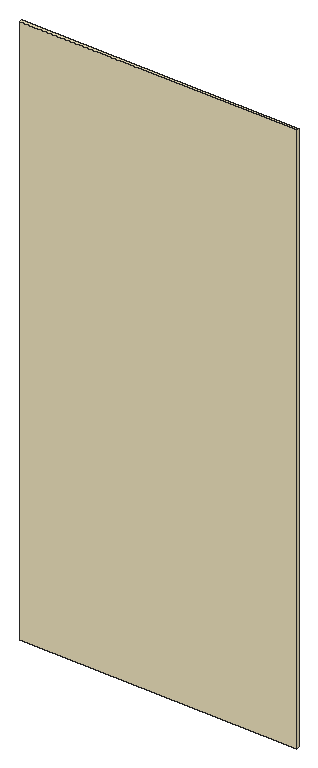
Revit family "American Oak Veneer Honeycomb", category Generic Models, Revit 2017
Family settings
  Can host rebar = No
  Round Connector Dimension = Use Diameter
  Part Type = Normal
  Work Plane-Based = No
  Always vertical = Yes
  Cut with Voids When Loaded = No
  Shared = Yes
  Room Calculation Point = No
Parameters (values of type "2400 x 1200")
  Raw Finish Code = "EX24 AO-HOC"  # constant formula
  Material = none
  URL = "https://www.easycraft.com.au/products/253/expression-series"
  Panel_width = 1200 mm  # constant formula
  Panel_thickness = 10 mm  # constant formula
  Model = "Expression Series - Honeycomb"  # constant formula
  Manufacturer = "Easycraft Australia Pty Ltd ph 07 3906 7200"  # constant formula
  Panel_height = 2400 mm  # constant formula
  Description = "American Oak Veneer"  # constant formula
  Clear Finish Code = "EX24 AO-HOC-CF"  # constant formula
  Assembly Code = ""
Reference planes
  plane 1 "Center (Front/Back)": y = 0
  plane 2: z = 0
  plane 3 "Center (Left/Right)": x = 0
  plane 4 "Panel_top": z = 2400
  plane 5 "Panel face": y = -10
Forms (mm)
  Extrusion 1, solid, material "American Oak Veneer"
    sketch origin (0, 0, 2400) x (0, -1, 0) y (1, 0, 0)
      loop
        line (0, 0) -> (10, 0) -> (10, 1200) -> (0, 1200) -> (0, 0)
    from -2400 to 0
Lines and regions (mm)
  model lines, style "easycraft expressions pattern"
    curve 1: line (1170.784, -10, 2287.01) -> (1200, -10, 2287.01)
    curve 2: line (1129.224, -10, 2348.821) -> (1070.792, -10, 2348.821)
    curve 3: line (1170.783, -10, 2163.389) -> (1200, -10, 2163.389)
    curve 4: line (1129.224, -10, 2225.2) -> (1070.792, -10, 2225.2)
    curve 5: line (1170.783, -10, 2039.767) -> (1200, -10, 2039.767)
    curve 6: line (1129.225, -10, 2101.577) -> (1070.792, -10, 2101.577)
    curve 7: line (1170.784, -10, 1916.144) -> (1200, -10, 1916.144)
    curve 8: line (1129.224, -10, 1977.955) -> (1070.792, -10, 1977.955)
    curve 9: line (1170.784, -10, 1792.521) -> (1200, -10, 1792.521)
    curve 10: line (1129.224, -10, 1854.332) -> (1070.792, -10, 1854.332)
    curve 11: line (1170.784, -10, 1668.899) -> (1200, -10, 1668.899)
    curve 12: line (1129.224, -10, 1730.709) -> (1070.792, -10, 1730.709)
    curve 13: line (1170.784, -10, 1545.276) -> (1200, -10, 1545.276)
    curve 14: line (1129.224, -10, 1607.087) -> (1070.792, -10, 1607.087)
    curve 15: line (1170.784, -10, 1421.654) -> (1200, -10, 1421.654)
    curve 16: line (1129.224, -10, 1483.465) -> (1070.792, -10, 1483.465)
    curve 17: line (1170.784, -10, 1298.032) -> (1200, -10, 1298.032)
    curve 18: line (1129.224, -10, 1359.843) -> (1070.793, -10, 1359.843)
    curve 19: line (1170.784, -10, 1174.411) -> (1200, -10, 1174.411)
    curve 20: line (1129.224, -10, 1236.221) -> (1070.792, -10, 1236.221)
    curve 21: line (1170.784, -10, 1050.789) -> (1200, -10, 1050.789)
    curve 22: line (1129.224, -10, 1112.6) -> (1070.793, -10, 1112.6)
    curve 23: line (1170.784, -10, 927.167) -> (1200, -10, 927.167)
    curve 24: line (1129.224, -10, 988.978) -> (1070.791, -10, 988.978)
    curve 25: line (1170.784, -10, 803.543) -> (1200, -10, 803.543)
    curve 26: line (1129.224, -10, 865.355) -> (1070.792, -10, 865.355)
    curve 27: line (1170.784, -10, 679.922) -> (1200, -10, 679.922)
    curve 28: line (1129.224, -10, 741.733) -> (1070.793, -10, 741.733)
    curve 29: line (1170.784, -10, 556.3) -> (1200, -10, 556.3)
    curve 30: line (1129.224, -10, 618.111) -> (1070.791, -10, 618.111)
    curve 31: line (1170.784, -10, 432.677) -> (1200, -10, 432.677)
    curve 32: line (1129.224, -10, 494.488) -> (1070.792, -10, 494.488)
    curve 33: line (1170.784, -10, 309.056) -> (1200, -10, 309.056)
    curve 34: line (1129.224, -10, 370.867) -> (1070.793, -10, 370.867)
    curve 35: line (1170.784, -10, 185.434) -> (1200, -10, 185.434)
    curve 36: line (1129.224, -10, 247.246) -> (1070.791, -10, 247.246)
    curve 37: line (1170.785, -10, 61.811) -> (1200, -10, 61.811)
    curve 38: line (1129.224, -10, 123.622) -> (1070.791, -10, 123.622)
    curve 39: line (1163.635, -10, 2400) -> (1129.224, -10, 2348.821)
    curve 40: line (1129.224, -10, 2348.821) -> (1170.784, -10, 2287.01)
    curve 41: line (1170.784, -10, 2287.01) -> (1129.224, -10, 2225.199)
    curve 42: line (1129.224, -10, 2225.199) -> (1170.783, -10, 2163.389)
    curve 43: line (1170.784, -10, 2163.388) -> (1129.225, -10, 2101.577)
    curve 44: line (1129.224, -10, 2101.577) -> (1170.783, -10, 2039.767)
    curve 45: line (1170.784, -10, 2039.766) -> (1129.224, -10, 1977.955)
    curve 46: line (1129.224, -10, 1977.955) -> (1170.784, -10, 1916.144)
    curve 47: line (1170.784, -10, 1916.144) -> (1129.224, -10, 1854.332)
    curve 48: line (1129.224, -10, 1854.332) -> (1170.784, -10, 1792.521)
    curve 49: line (1170.784, -10, 1792.521) -> (1129.224, -10, 1730.709)
    curve 50: line (1129.224, -10, 1730.709) -> (1170.784, -10, 1668.899)
    curve 51: line (1170.784, -10, 1668.899) -> (1129.224, -10, 1607.087)
    curve 52: line (1129.224, -10, 1607.087) -> (1170.784, -10, 1545.276)
    curve 53: line (1170.784, -10, 1545.276) -> (1129.224, -10, 1483.465)
    curve 54: line (1129.224, -10, 1483.465) -> (1170.784, -10, 1421.654)
    curve 55: line (1170.784, -10, 1421.654) -> (1129.224, -10, 1359.843)
    curve 56: line (1129.224, -10, 1359.843) -> (1170.784, -10, 1298.032)
    curve 57: line (1170.784, -10, 1298.032) -> (1129.224, -10, 1236.221)
    curve 58: line (1129.224, -10, 1236.221) -> (1170.784, -10, 1174.411)
    curve 59: line (1170.784, -10, 1174.411) -> (1129.224, -10, 1112.6)
    curve 60: line (1129.224, -10, 1112.6) -> (1170.784, -10, 1050.789)
    curve 61: line (1170.784, -10, 1050.789) -> (1129.224, -10, 988.978)
    curve 62: line (1129.224, -10, 988.978) -> (1170.784, -10, 927.167)
    curve 63: line (1170.784, -10, 927.167) -> (1129.224, -10, 865.355)
    curve 64: line (1129.224, -10, 865.355) -> (1170.784, -10, 803.545)
    curve 65: line (1170.784, -10, 803.545) -> (1129.224, -10, 741.733)
    curve 66: line (1129.224, -10, 741.733) -> (1170.784, -10, 679.922)
    curve 67: line (1170.784, -10, 679.922) -> (1129.224, -10, 618.111)
    curve 68: line (1129.224, -10, 618.111) -> (1170.784, -10, 556.3)
    curve 69: line (1170.784, -10, 556.3) -> (1129.224, -10, 494.488)
    curve 70: line (1129.224, -10, 494.489) -> (1170.784, -10, 432.678)
    curve 71: line (1170.784, -10, 432.678) -> (1129.224, -10, 370.867)
    curve 72: line (1129.224, -10, 370.867) -> (1170.784, -10, 309.056)
    curve 73: line (1170.784, -10, 309.056) -> (1129.224, -10, 247.246)
    curve 74: line (1129.224, -10, 247.246) -> (1170.784, -10, 185.434)
    curve 75: line (1170.784, -10, 185.434) -> (1129.224, -10, 123.622)
    curve 76: line (1129.224, -10, 123.622) -> (1170.785, -10, 61.811)
    curve 77: line (1170.784, -10, 61.812) -> (1129.224, -10, 0)
    curve 78: line (1070.792, -10, 0.001) -> (1029.232, -10, 61.812)
    curve 79: line (1029.232, -10, 61.812) -> (1070.792, -10, 123.622)
    curve 80: line (1070.791, -10, 123.622) -> (1029.233, -10, 185.434)
    curve 81: line (1029.233, -10, 185.434) -> (1070.792, -10, 247.244)
    curve 82: line (1070.791, -10, 247.246) -> (1029.233, -10, 309.057)
    curve 83: line (1029.233, -10, 309.057) -> (1070.793, -10, 370.867)
    curve 84: line (1070.792, -10, 370.867) -> (1029.233, -10, 432.678)
    curve 85: line (1029.233, -10, 432.678) -> (1070.792, -10, 494.489)
    curve 86: line (1070.792, -10, 494.489) -> (1029.233, -10, 556.3)
    curve 87: line (1029.233, -10, 556.3) -> (1070.792, -10, 618.11)
    curve 88: line (1070.791, -10, 618.111) -> (1029.233, -10, 679.921)
    curve 89: line (1029.233, -10, 679.921) -> (1070.793, -10, 741.733)
    curve 90: line (1070.792, -10, 741.732) -> (1029.233, -10, 803.543)
    curve 91: line (1029.233, -10, 803.543) -> (1070.792, -10, 865.355)
    curve 92: line (1070.792, -10, 865.355) -> (1029.233, -10, 927.165)
    curve 93: line (1029.233, -10, 927.165) -> (1070.792, -10, 988.976)
    curve 94: line (1070.791, -10, 988.978) -> (1029.233, -10, 1050.788)
    curve 95: line (1029.233, -10, 1050.788) -> (1070.793, -10, 1112.6)
    curve 96: line (1070.792, -10, 1112.598) -> (1029.233, -10, 1174.41)
    curve 97: line (1029.233, -10, 1174.41) -> (1070.792, -10, 1236.221)
    curve 98: line (1070.792, -10, 1236.221) -> (1029.233, -10, 1298.032)
    curve 99: line (1029.233, -10, 1298.032) -> (1070.793, -10, 1359.843)
    curve 100: line (1070.792, -10, 1359.841) -> (1029.233, -10, 1421.653)
    curve 101: line (1029.233, -10, 1421.653) -> (1070.792, -10, 1483.465)
    curve 102: line (1070.792, -10, 1483.465) -> (1029.233, -10, 1545.276)
    curve 103: line (1029.233, -10, 1545.276) -> (1070.792, -10, 1607.087)
    curve 104: line (1070.792, -10, 1607.087) -> (1029.233, -10, 1668.899)
    curve 105: line (1029.233, -10, 1668.899) -> (1070.792, -10, 1730.709)
    curve 106: line (1070.792, -10, 1730.709) -> (1029.233, -10, 1792.521)
    curve 107: line (1029.233, -10, 1792.521) -> (1070.792, -10, 1854.332)
    curve 108: line (1070.792, -10, 1854.332) -> (1029.233, -10, 1916.144)
    curve 109: line (1029.233, -10, 1916.144) -> (1070.792, -10, 1977.955)
    curve 110: line (1070.792, -10, 1977.955) -> (1029.233, -10, 2039.766)
    curve 111: line (1029.233, -10, 2039.766) -> (1070.792, -10, 2101.577)
    curve 112: line (1070.792, -10, 2101.577) -> (1029.233, -10, 2163.388)
    curve 113: line (1029.233, -10, 2163.388) -> (1070.792, -10, 2225.199)
    curve 114: line (1070.792, -10, 2225.199) -> (1029.233, -10, 2287.01)
    curve 115: line (1029.233, -10, 2287.01) -> (1070.792, -10, 2348.821)
    curve 116: line (1070.792, -10, 2348.821) -> (1036.381, -10, 2400)
    curve 117: line (1029.233, -10, 2287.01) -> (970.8, -10, 2287.01)
    curve 118: line (1029.233, -10, 2163.389) -> (970.8, -10, 2163.389)
    curve 119: line (1029.233, -10, 2039.767) -> (970.8, -10, 2039.767)
    curve 120: line (1029.233, -10, 1916.144) -> (970.801, -10, 1916.144)
    curve 121: line (1029.233, -10, 1792.521) -> (970.8, -10, 1792.521)
    curve 122: line (1029.233, -10, 1668.899) -> (970.799, -10, 1668.899)
    curve 123: line (1029.233, -10, 1545.276) -> (970.8, -10, 1545.276)
    curve 124: line (1029.233, -10, 1421.653) -> (970.8, -10, 1421.653)
    curve 125: line (1029.233, -10, 1298.032) -> (970.8, -10, 1298.032)
    curve 126: line (1029.233, -10, 1174.41) -> (970.799, -10, 1174.41)
    curve 127: line (1029.233, -10, 1050.788) -> (970.801, -10, 1050.788)
    curve 128: line (1029.233, -10, 927.165) -> (970.8, -10, 927.165)
    curve 129: line (1029.233, -10, 803.544) -> (970.8, -10, 803.544)
    curve 130: line (1029.233, -10, 679.921) -> (970.801, -10, 679.921)
    curve 131: line (1029.233, -10, 556.3) -> (970.8, -10, 556.3)
    curve 132: line (1029.233, -10, 432.679) -> (970.801, -10, 432.679)
    curve 133: line (1029.233, -10, 309.057) -> (970.799, -10, 309.057)
    curve 134: line (1029.233, -10, 185.434) -> (970.8, -10, 185.434)
    curve 135: line (1029.233, -10, 61.811) -> (970.8, -10, 61.811)
    curve 136: line (836.397, -10, 2400) -> (870.807, -10, 2348.822)
    curve 137: line (870.807, -10, 2348.822) -> (829.248, -10, 2287.011)
    curve 138: line (829.248, -10, 2287.011) -> (870.807, -10, 2225.2)
    curve 139: line (870.807, -10, 2225.2) -> (829.248, -10, 2163.389)
    curve 140: line (829.248, -10, 2163.389) -> (870.807, -10, 2101.577)
    curve 141: line (870.807, -10, 2101.577) -> (829.248, -10, 2039.767)
    curve 142: line (829.248, -10, 2039.767) -> (870.807, -10, 1977.955)
    curve 143: line (870.807, -10, 1977.955) -> (829.248, -10, 1916.141)
    curve 144: line (829.248, -10, 1916.141) -> (870.806, -10, 1854.332)
    curve 145: line (870.807, -10, 1854.331) -> (829.248, -10, 1792.521)
    curve 146: line (829.248, -10, 1792.521) -> (870.807, -10, 1730.71)
    curve 147: line (870.807, -10, 1730.71) -> (829.248, -10, 1668.899)
    curve 148: line (829.248, -10, 1668.899) -> (870.807, -10, 1607.088)
    curve 149: line (870.807, -10, 1607.088) -> (829.248, -10, 1545.274)
    curve 150: line (829.248, -10, 1545.274) -> (870.806, -10, 1483.464)
    curve 151: line (870.807, -10, 1483.463) -> (829.248, -10, 1421.655)
    curve 152: line (829.248, -10, 1421.655) -> (870.807, -10, 1359.843)
    curve 153: line (870.807, -10, 1359.843) -> (829.248, -10, 1298.03)
    curve 154: line (829.248, -10, 1298.03) -> (870.807, -10, 1236.22)
    curve 155: line (870.807, -10, 1236.22) -> (829.248, -10, 1174.408)
    curve 156: line (829.248, -10, 1174.408) -> (870.806, -10, 1112.598)
    curve 157: line (870.807, -10, 1112.596) -> (829.248, -10, 1050.788)
    curve 158: line (829.248, -10, 1050.788) -> (870.807, -10, 988.977)
    curve 159: line (870.807, -10, 988.977) -> (829.248, -10, 927.166)
    curve 160: line (829.248, -10, 927.166) -> (870.807, -10, 865.355)
    curve 161: line (870.807, -10, 865.355) -> (829.248, -10, 803.541)
    curve 162: line (829.248, -10, 803.541) -> (870.806, -10, 741.731)
    curve 163: line (870.807, -10, 741.73) -> (829.248, -10, 679.923)
    curve 164: line (829.248, -10, 679.923) -> (870.807, -10, 618.112)
    curve 165: line (870.807, -10, 618.112) -> (829.248, -10, 556.301)
    curve 166: line (829.248, -10, 556.301) -> (870.807, -10, 494.489)
    curve 167: line (870.807, -10, 494.489) -> (829.248, -10, 432.679)
    curve 168: line (829.248, -10, 432.679) -> (870.806, -10, 370.869)
    curve 169: line (870.807, -10, 370.867) -> (829.248, -10, 309.058)
    curve 170: line (829.248, -10, 309.058) -> (870.807, -10, 247.245)
    curve 171: line (870.807, -10, 247.245) -> (829.248, -10, 185.434)
    curve 172: line (829.248, -10, 185.434) -> (870.807, -10, 123.623)
    curve 173: line (870.807, -10, 123.623) -> (829.247, -10, 61.813)
    curve 174: line (829.247, -10, 61.813) -> (870.807, -10, 0.001)
    curve 175: line (929.24, -10, 0.001) -> (970.8, -10, 61.811)
    curve 176: line (970.8, -10, 61.811) -> (929.241, -10, 123.623)
    curve 177: line (929.241, -10, 123.623) -> (970.8, -10, 185.434)
    curve 178: line (970.8, -10, 185.434) -> (929.241, -10, 247.245)
    curve 179: line (929.241, -10, 247.245) -> (970.8, -10, 309.056)
    curve 180: line (970.799, -10, 309.057) -> (929.241, -10, 370.869)
    curve 181: line (929.241, -10, 370.869) -> (970.801, -10, 432.679)
    curve 182: line (970.8, -10, 432.678) -> (929.241, -10, 494.489)
    curve 183: line (929.241, -10, 494.489) -> (970.8, -10, 556.3)
    curve 184: line (970.8, -10, 556.3) -> (929.241, -10, 618.112)
    curve 185: line (929.241, -10, 618.112) -> (970.801, -10, 679.921)
    curve 186: line (970.8, -10, 679.92) -> (929.241, -10, 741.731)
    curve 187: line (929.241, -10, 741.731) -> (970.8, -10, 803.543)
    curve 188: line (970.8, -10, 803.544) -> (929.241, -10, 865.354)
    curve 189: line (929.241, -10, 865.355) -> (970.8, -10, 927.165)
    curve 190: line (970.8, -10, 927.165) -> (929.241, -10, 988.977)
    curve 191: line (929.241, -10, 988.977) -> (970.801, -10, 1050.788)
    curve 192: line (970.8, -10, 1050.786) -> (929.241, -10, 1112.598)
    curve 193: line (929.241, -10, 1112.598) -> (970.8, -10, 1174.408)
    curve 194: line (970.799, -10, 1174.41) -> (929.241, -10, 1236.22)
    curve 195: line (929.241, -10, 1236.22) -> (970.8, -10, 1298.032)
    curve 196: line (970.8, -10, 1298.032) -> (929.241, -10, 1359.843)
    curve 197: line (929.241, -10, 1359.843) -> (970.8, -10, 1421.653)
    curve 198: line (970.8, -10, 1421.653) -> (929.241, -10, 1483.464)
    curve 199: line (929.241, -10, 1483.464) -> (970.8, -10, 1545.276)
    curve 200: line (970.8, -10, 1545.276) -> (929.241, -10, 1607.088)
    curve 201: line (929.241, -10, 1607.088) -> (970.8, -10, 1668.897)
    curve 202: line (970.799, -10, 1668.899) -> (929.241, -10, 1730.71)
    curve 203: line (929.241, -10, 1730.71) -> (970.8, -10, 1792.521)
    curve 204: line (970.8, -10, 1792.521) -> (929.241, -10, 1854.332)
    curve 205: line (929.241, -10, 1854.332) -> (970.801, -10, 1916.144)
    curve 206: line (970.8, -10, 1916.144) -> (929.241, -10, 1977.955)
    curve 207: line (929.241, -10, 1977.955) -> (970.8, -10, 2039.766)
    curve 208: line (970.8, -10, 2039.766) -> (929.241, -10, 2101.577)
    curve 209: line (929.241, -10, 2101.577) -> (970.8, -10, 2163.388)
    curve 210: line (970.8, -10, 2163.388) -> (929.241, -10, 2225.2)
    curve 211: line (929.241, -10, 2225.2) -> (970.8, -10, 2287.01)
    curve 212: line (970.8, -10, 2287.01) -> (929.241, -10, 2348.822)
    curve 213: line (929.241, -10, 2348.822) -> (963.65, -10, 2400)
    curve 214: line (929.241, -10, 2348.822) -> (870.807, -10, 2348.822)
    curve 215: line (929.24, -10, 2225.2) -> (870.807, -10, 2225.2)
    curve 216: line (929.24, -10, 2101.578) -> (870.807, -10, 2101.578)
    curve 217: line (929.24, -10, 1977.956) -> (870.807, -10, 1977.956)
    curve 218: line (929.241, -10, 1854.332) -> (870.806, -10, 1854.332)
    curve 219: line (929.241, -10, 1730.71) -> (870.807, -10, 1730.71)
    curve 220: line (929.241, -10, 1607.088) -> (870.807, -10, 1607.088)
    curve 221: line (929.241, -10, 1483.464) -> (870.806, -10, 1483.464)
    curve 222: line (929.241, -10, 1359.843) -> (870.807, -10, 1359.843)
    curve 223: line (929.241, -10, 1236.22) -> (870.807, -10, 1236.22)
    curve 224: line (929.241, -10, 1112.598) -> (870.806, -10, 1112.598)
    curve 225: line (929.241, -10, 988.977) -> (870.807, -10, 988.977)
    curve 226: line (929.241, -10, 865.354) -> (870.807, -10, 865.354)
    curve 227: line (929.241, -10, 741.731) -> (870.806, -10, 741.731)
    curve 228: line (929.241, -10, 618.112) -> (870.807, -10, 618.112)
    curve 229: line (929.24, -10, 494.489) -> (870.807, -10, 494.489)
    curve 230: line (929.241, -10, 370.869) -> (870.806, -10, 370.869)
    curve 231: line (929.241, -10, 247.245) -> (870.807, -10, 247.245)
    curve 232: line (929.241, -10, 123.623) -> (870.807, -10, 123.623)
    curve 233: line (763.665, -10, 2400) -> (729.256, -10, 2348.824)
    curve 234: line (729.256, -10, 2348.824) -> (770.816, -10, 2287.011)
    curve 235: line (770.816, -10, 2287.011) -> (729.256, -10, 2225.2)
    curve 236: line (729.256, -10, 2225.2) -> (770.816, -10, 2163.389)
    curve 237: line (770.816, -10, 2163.389) -> (729.256, -10, 2101.578)
    curve 238: line (729.256, -10, 2101.578) -> (770.816, -10, 2039.767)
    curve 239: line (829.248, -10, 2287.011) -> (770.816, -10, 2287.011)
    curve 240: line (829.248, -10, 2163.389) -> (770.816, -10, 2163.389)
    curve 241: line (829.248, -10, 2039.769) -> (770.816, -10, 2039.769)
    curve 242: line (770.816, -10, 2039.769) -> (729.256, -10, 1977.952)
    curve 243: line (729.256, -10, 1977.952) -> (770.816, -10, 1916.14)
    curve 244: line (770.816, -10, 1916.14) -> (729.256, -10, 1854.33)
    curve 245: line (729.256, -10, 1854.33) -> (770.816, -10, 1792.521)
    curve 246: line (770.816, -10, 1792.521) -> (729.256, -10, 1730.709)
    curve 247: line (729.256, -10, 1730.709) -> (770.816, -10, 1668.898)
    curve 248: line (829.248, -10, 1916.141) -> (770.816, -10, 1916.141)
    curve 249: line (829.248, -10, 1792.521) -> (770.816, -10, 1792.521)
    curve 250: line (829.248, -10, 1668.899) -> (770.816, -10, 1668.899)
    curve 251: line (770.816, -10, 1668.899) -> (729.256, -10, 1607.084)
    curve 252: line (729.256, -10, 1607.084) -> (770.815, -10, 1545.274)
    curve 253: line (770.816, -10, 1545.273) -> (729.256, -10, 1483.465)
    curve 254: line (729.256, -10, 1483.465) -> (770.815, -10, 1421.655)
    curve 255: line (770.816, -10, 1421.653) -> (729.256, -10, 1359.841)
    curve 256: line (729.256, -10, 1359.841) -> (770.816, -10, 1298.03)
    curve 257: line (770.816, -10, 1298.03) -> (729.256, -10, 1236.219)
    curve 258: line (729.256, -10, 1236.219) -> (770.816, -10, 1174.408)
    curve 259: line (770.816, -10, 1174.408) -> (729.256, -10, 1112.6)
    curve 260: line (729.256, -10, 1112.6) -> (770.816, -10, 1050.788)
    curve 261: line (770.816, -10, 1050.788) -> (729.256, -10, 988.977)
    curve 262: line (729.256, -10, 988.977) -> (770.816, -10, 927.166)
    curve 263: line (770.816, -10, 927.166) -> (729.256, -10, 865.353)
    curve 264: line (729.256, -10, 865.353) -> (770.815, -10, 803.542)
    curve 265: line (770.816, -10, 803.541) -> (729.256, -10, 741.733)
    curve 266: line (729.256, -10, 741.733) -> (770.816, -10, 679.922)
    curve 267: line (829.248, -10, 1545.274) -> (770.815, -10, 1545.274)
    curve 268: line (829.248, -10, 1421.655) -> (770.815, -10, 1421.655)
    curve 269: line (829.248, -10, 1298.03) -> (770.816, -10, 1298.03)
    curve 270: line (829.248, -10, 1174.408) -> (770.816, -10, 1174.408)
    curve 271: line (829.248, -10, 1050.788) -> (770.816, -10, 1050.788)
    curve 272: line (829.248, -10, 927.166) -> (770.816, -10, 927.166)
    curve 273: line (829.248, -10, 803.542) -> (770.815, -10, 803.542)
    curve 274: line (829.248, -10, 679.923) -> (770.816, -10, 679.923)
    curve 275: line (770.816, -10, 679.923) -> (729.256, -10, 618.112)
    curve 276: line (729.256, -10, 618.112) -> (770.815, -10, 556.301)
    curve 277: line (770.816, -10, 556.299) -> (729.256, -10, 494.49)
    curve 278: line (729.256, -10, 494.49) -> (770.816, -10, 432.679)
    curve 279: line (770.816, -10, 432.679) -> (729.256, -10, 370.868)
    curve 280: line (729.256, -10, 370.868) -> (770.816, -10, 309.056)
    curve 281: line (829.248, -10, 556.301) -> (770.815, -10, 556.301)
    curve 282: line (829.248, -10, 432.678) -> (770.816, -10, 432.678)
    curve 283: line (829.248, -10, 185.434) -> (770.816, -10, 185.434)
    curve 284: line (829.248, -10, 61.813) -> (770.816, -10, 61.813)
    curve 285: line (636.413, -10, 2400) -> (670.822, -10, 2348.824)
    curve 286: line (670.823, -10, 2348.822) -> (629.263, -10, 2287.013)
    curve 287: line (629.263, -10, 2287.013) -> (670.823, -10, 2225.2)
    curve 288: line (670.823, -10, 2225.2) -> (629.263, -10, 2163.389)
    curve 289: line (629.263, -10, 2163.389) -> (670.821, -10, 2101.58)
    curve 290: line (670.823, -10, 2101.578) -> (629.263, -10, 2039.762)
    curve 291: line (629.263, -10, 2039.762) -> (670.821, -10, 1977.954)
    curve 292: line (670.823, -10, 1977.952) -> (629.263, -10, 1916.142)
    curve 293: line (629.263, -10, 1916.142) -> (670.823, -10, 1854.33)
    curve 294: line (670.823, -10, 1854.33) -> (629.263, -10, 1792.519)
    curve 295: line (629.263, -10, 1792.519) -> (670.822, -10, 1730.709)
    curve 296: line (670.823, -10, 1730.708) -> (629.263, -10, 1668.894)
    curve 297: line (629.263, -10, 1668.894) -> (670.822, -10, 1607.084)
    curve 298: line (670.823, -10, 1607.083) -> (629.263, -10, 1545.272)
    curve 299: line (629.263, -10, 1545.272) -> (670.823, -10, 1483.465)
    curve 300: line (670.823, -10, 1483.465) -> (629.263, -10, 1421.651)
    curve 301: line (629.263, -10, 1421.651) -> (670.822, -10, 1359.841)
    curve 302: line (670.823, -10, 1359.84) -> (629.263, -10, 1298.029)
    curve 303: line (629.263, -10, 1298.029) -> (670.822, -10, 1236.219)
    curve 304: line (670.823, -10, 1236.218) -> (629.263, -10, 1174.41)
    curve 305: line (629.263, -10, 1174.41) -> (670.822, -10, 1112.6)
    curve 306: line (670.823, -10, 1112.598) -> (629.263, -10, 1050.789)
    curve 307: line (629.263, -10, 1050.789) -> (670.823, -10, 988.977)
    curve 308: line (670.823, -10, 988.977) -> (629.263, -10, 927.164)
    curve 309: line (629.263, -10, 927.164) -> (670.823, -10, 865.353)
    curve 310: line (670.823, -10, 865.353) -> (629.263, -10, 803.544)
    curve 311: line (629.263, -10, 803.544) -> (670.822, -10, 741.733)
    curve 312: line (670.823, -10, 741.732) -> (629.263, -10, 679.922)
    curve 313: line (629.263, -10, 679.922) -> (670.823, -10, 618.112)
    curve 314: line (670.823, -10, 618.112) -> (629.263, -10, 556.301)
    curve 315: line (629.263, -10, 556.301) -> (670.823, -10, 494.49)
    curve 316: line (670.823, -10, 494.49) -> (629.263, -10, 432.678)
    curve 317: line (629.263, -10, 432.678) -> (670.822, -10, 370.868)
    curve 318: line (670.823, -10, 370.866) -> (629.263, -10, 309.057)
    curve 319: line (629.263, -10, 309.057) -> (670.823, -10, 247.246)
    curve 320: line (670.823, -10, 247.246) -> (629.263, -10, 185.436)
    curve 321: line (629.263, -10, 185.436) -> (670.823, -10, 123.623)
    curve 322: line (670.823, -10, 123.623) -> (629.262, -10, 61.814)
    curve 323: line (629.263, -10, 61.813) -> (670.822, -10, 0.002)
    curve 324: line (729.256, -10, 0.002) -> (770.816, -10, 61.813)
    curve 325: line (770.816, -10, 61.812) -> (729.256, -10, 123.623)
    curve 326: line (729.256, -10, 123.623) -> (770.816, -10, 185.434)
    curve 327: line (770.816, -10, 185.434) -> (729.256, -10, 247.246)
    curve 328: line (729.256, -10, 247.246) -> (770.816, -10, 309.058)
    curve 329: line (770.816, -10, 309.058) -> (829.248, -10, 309.058)
    curve 330: line (729.256, -10, 2348.824) -> (670.822, -10, 2348.824)
    curve 331: line (729.255, -10, 2225.201) -> (670.823, -10, 2225.201)
    curve 332: line (729.255, -10, 2101.58) -> (670.821, -10, 2101.58)
    curve 333: line (729.255, -10, 1977.954) -> (670.821, -10, 1977.954)
    curve 334: line (729.256, -10, 1854.33) -> (670.823, -10, 1854.33)
    curve 335: line (729.256, -10, 1730.709) -> (670.822, -10, 1730.709)
    curve 336: line (729.256, -10, 1607.084) -> (670.822, -10, 1607.084)
    curve 337: line (729.256, -10, 1483.465) -> (670.823, -10, 1483.465)
    curve 338: line (729.256, -10, 1359.841) -> (670.822, -10, 1359.841)
    curve 339: line (729.256, -10, 1236.219) -> (670.822, -10, 1236.219)
    curve 340: line (729.256, -10, 1112.6) -> (670.822, -10, 1112.6)
    curve 341: line (729.256, -10, 988.977) -> (670.823, -10, 988.977)
    curve 342: line (729.255, -10, 865.352) -> (670.823, -10, 865.352)
    curve 343: line (729.256, -10, 741.733) -> (670.822, -10, 741.733)
    curve 344: line (729.256, -10, 618.112) -> (670.823, -10, 618.112)
    curve 345: line (729.255, -10, 494.489) -> (670.823, -10, 494.489)
    curve 346: line (729.256, -10, 370.868) -> (670.822, -10, 370.868)
    curve 347: line (729.256, -10, 247.246) -> (670.823, -10, 247.246)
    curve 348: line (729.256, -10, 123.623) -> (670.823, -10, 123.623)
    curve 349: line (629.263, -10, 2287.013) -> (570.83, -10, 2287.013)
    curve 350: line (629.263, -10, 2163.391) -> (570.83, -10, 2163.391)
    curve 351: line (629.263, -10, 2039.762) -> (570.831, -10, 2039.762)
    curve 352: line (629.263, -10, 1916.142) -> (570.83, -10, 1916.142)
    curve 353: line (629.263, -10, 1792.519) -> (570.832, -10, 1792.519)
    curve 354: line (629.263, -10, 1668.894) -> (570.83, -10, 1668.894)
    curve 355: line (629.263, -10, 1545.272) -> (570.831, -10, 1545.272)
    curve 356: line (629.263, -10, 1421.651) -> (570.832, -10, 1421.651)
    curve 357: line (629.263, -10, 1298.029) -> (570.83, -10, 1298.029)
    curve 358: line (629.263, -10, 1174.41) -> (570.831, -10, 1174.41)
    curve 359: line (629.263, -10, 1050.789) -> (570.831, -10, 1050.789)
    curve 360: line (629.263, -10, 927.164) -> (570.831, -10, 927.164)
    curve 361: line (629.263, -10, 803.544) -> (570.831, -10, 803.544)
    curve 362: line (629.263, -10, 679.922) -> (570.831, -10, 679.922)
    curve 363: line (629.263, -10, 556.301) -> (570.832, -10, 556.301)
    curve 364: line (629.263, -10, 432.679) -> (570.831, -10, 432.679)
    curve 365: line (629.263, -10, 309.057) -> (570.831, -10, 309.057)
    curve 366: line (629.263, -10, 185.436) -> (570.832, -10, 185.436)
    curve 367: line (629.262, -10, 61.814) -> (570.832, -10, 61.814)
    curve 368: line (436.429, -10, 2400) -> (470.837, -10, 2348.824)
    curve 369: line (529.272, -10, 2348.824) -> (470.837, -10, 2348.824)
    curve 370: line (470.838, -10, 2348.824) -> (429.279, -10, 2287.012)
    curve 371: line (429.279, -10, 2287.012) -> (470.838, -10, 2225.201)
    curve 372: line (470.838, -10, 2225.201) -> (429.279, -10, 2163.39)
    curve 373: line (429.279, -10, 2163.39) -> (470.838, -10, 2101.572)
    curve 374: line (470.838, -10, 2101.572) -> (429.279, -10, 2039.761)
    curve 375: line (429.279, -10, 2039.761) -> (470.838, -10, 1977.951)
    curve 376: line (470.838, -10, 1977.951) -> (429.279, -10, 1916.141)
    curve 377: line (429.279, -10, 1916.141) -> (470.838, -10, 1854.329)
    curve 378: line (470.838, -10, 1854.329) -> (429.279, -10, 1792.516)
    curve 379: line (429.279, -10, 1792.516) -> (470.838, -10, 1730.704)
    curve 380: line (470.838, -10, 1730.704) -> (429.279, -10, 1668.894)
    curve 381: line (429.279, -10, 1668.894) -> (470.837, -10, 1607.084)
    curve 382: line (470.838, -10, 1607.082) -> (429.279, -10, 1545.27)
    curve 383: line (429.279, -10, 1545.27) -> (470.838, -10, 1483.461)
    curve 384: line (470.838, -10, 1483.461) -> (429.279, -10, 1421.649)
    curve 385: line (429.279, -10, 1421.649) -> (470.838, -10, 1359.838)
    curve 386: line (529.272, -10, 2225.201) -> (470.838, -10, 2225.201)
    curve 387: line (529.271, -10, 2101.572) -> (470.838, -10, 2101.572)
    curve 388: line (529.271, -10, 1977.952) -> (470.838, -10, 1977.952)
    curve 389: line (529.272, -10, 1854.329) -> (470.838, -10, 1854.329)
    curve 390: line (529.272, -10, 1730.704) -> (470.838, -10, 1730.704)
    curve 391: line (529.272, -10, 1607.084) -> (470.837, -10, 1607.084)
    curve 392: line (529.272, -10, 1483.461) -> (470.838, -10, 1483.461)
    curve 393: line (529.272, -10, 1359.839) -> (470.838, -10, 1359.839)
    curve 394: line (470.838, -10, 1359.839) -> (429.279, -10, 1298.03)
    curve 395: line (429.279, -10, 1298.03) -> (470.838, -10, 1236.218)
    curve 396: line (470.838, -10, 1236.218) -> (429.279, -10, 1174.408)
    curve 397: line (429.279, -10, 1174.408) -> (470.837, -10, 1112.6)
    curve 398: line (470.838, -10, 1112.599) -> (429.279, -10, 1050.785)
    curve 399: line (429.279, -10, 1050.785) -> (470.838, -10, 988.974)
    curve 400: line (529.272, -10, 1236.218) -> (470.838, -10, 1236.218)
    curve 401: line (529.272, -10, 1112.6) -> (470.837, -10, 1112.6)
    curve 402: line (529.272, -10, 988.975) -> (470.838, -10, 988.975)
    curve 403: line (470.838, -10, 988.975) -> (429.279, -10, 927.167)
    curve 404: line (429.279, -10, 927.167) -> (470.838, -10, 865.356)
    curve 405: line (470.838, -10, 865.356) -> (429.279, -10, 803.545)
    curve 406: line (429.279, -10, 803.545) -> (470.838, -10, 741.734)
    curve 407: line (470.838, -10, 741.734) -> (429.279, -10, 679.92)
    curve 408: line (429.279, -10, 679.92) -> (470.838, -10, 618.111)
    curve 409: line (470.838, -10, 618.111) -> (429.279, -10, 556.298)
    curve 410: line (429.279, -10, 556.298) -> (470.838, -10, 494.49)
    curve 411: line (470.838, -10, 494.489) -> (429.279, -10, 432.679)
    curve 412: line (429.279, -10, 432.679) -> (470.837, -10, 370.868)
    curve 413: line (470.838, -10, 370.867) -> (429.279, -10, 309.056)
    curve 414: line (429.279, -10, 309.056) -> (470.837, -10, 247.246)
    curve 415: line (470.838, -10, 247.245) -> (429.279, -10, 185.434)
    curve 416: line (429.279, -10, 185.434) -> (470.837, -10, 123.624)
    curve 417: line (470.838, -10, 123.624) -> (429.278, -10, 61.814)
    curve 418: line (429.278, -10, 61.814) -> (470.838, -10, 0.003)
    curve 419: line (529.271, -10, 0.003) -> (570.832, -10, 61.814)
    curve 420: line (570.831, -10, 61.813) -> (529.272, -10, 123.624)
    curve 421: line (529.272, -10, 123.624) -> (570.832, -10, 185.436)
    curve 422: line (570.831, -10, 185.435) -> (529.272, -10, 247.246)
    curve 423: line (529.272, -10, 247.246) -> (570.831, -10, 309.057)
    curve 424: line (570.831, -10, 309.057) -> (529.272, -10, 370.868)
    curve 425: line (529.272, -10, 370.868) -> (570.831, -10, 432.679)
    curve 426: line (570.831, -10, 432.678) -> (529.272, -10, 494.489)
    curve 427: line (529.272, -10, 494.489) -> (570.832, -10, 556.301)
    curve 428: line (570.831, -10, 556.3) -> (529.272, -10, 618.111)
    curve 429: line (529.272, -10, 618.111) -> (570.831, -10, 679.922)
    curve 430: line (570.831, -10, 679.922) -> (529.272, -10, 741.734)
    curve 431: line (529.272, -10, 741.734) -> (570.831, -10, 803.544)
    curve 432: line (570.831, -10, 803.544) -> (529.272, -10, 865.356)
    curve 433: line (529.272, -10, 865.356) -> (570.831, -10, 927.164)
    curve 434: line (570.831, -10, 927.164) -> (529.272, -10, 988.975)
    curve 435: line (529.272, -10, 988.975) -> (570.831, -10, 1050.789)
    curve 436: line (570.831, -10, 1050.789) -> (529.272, -10, 1112.6)
    curve 437: line (529.272, -10, 1112.6) -> (570.831, -10, 1174.41)
    curve 438: line (570.831, -10, 1174.41) -> (529.272, -10, 1236.218)
    curve 439: line (529.272, -10, 1236.218) -> (570.831, -10, 1298.028)
    curve 440: line (570.83, -10, 1298.029) -> (529.272, -10, 1359.839)
    curve 441: line (529.272, -10, 1359.839) -> (570.832, -10, 1421.651)
    curve 442: line (570.831, -10, 1421.65) -> (529.272, -10, 1483.461)
    curve 443: line (529.272, -10, 1483.461) -> (570.831, -10, 1545.272)
    curve 444: line (570.831, -10, 1545.272) -> (529.272, -10, 1607.084)
    curve 445: line (529.272, -10, 1607.084) -> (570.831, -10, 1668.893)
    curve 446: line (570.83, -10, 1668.894) -> (529.272, -10, 1730.704)
    curve 447: line (529.272, -10, 1730.704) -> (570.832, -10, 1792.519)
    curve 448: line (570.831, -10, 1792.518) -> (529.272, -10, 1854.329)
    curve 449: line (529.272, -10, 1854.329) -> (570.831, -10, 1916.14)
    curve 450: line (570.83, -10, 1916.142) -> (529.272, -10, 1977.951)
    curve 451: line (529.272, -10, 1977.951) -> (570.831, -10, 2039.762)
    curve 452: line (570.831, -10, 2039.762) -> (529.271, -10, 2101.572)
    curve 453: line (529.272, -10, 2101.572) -> (570.831, -10, 2163.389)
    curve 454: line (570.83, -10, 2163.391) -> (529.272, -10, 2225.201)
    curve 455: line (529.272, -10, 2225.201) -> (570.831, -10, 2287.012)
    curve 456: line (570.83, -10, 2287.013) -> (529.272, -10, 2348.824)
    curve 457: line (529.272, -10, 2348.824) -> (563.68, -10, 2400)
    curve 458: line (529.271, -10, 865.355) -> (470.838, -10, 865.355)
    curve 459: line (529.272, -10, 741.734) -> (470.838, -10, 741.734)
    curve 460: line (529.272, -10, 618.111) -> (470.838, -10, 618.111)
    curve 461: line (529.271, -10, 494.49) -> (470.838, -10, 494.49)
    curve 462: line (529.272, -10, 370.868) -> (470.837, -10, 370.868)
    curve 463: line (529.272, -10, 247.246) -> (470.837, -10, 247.246)
    curve 464: line (529.272, -10, 123.624) -> (470.837, -10, 123.624)
    curve 465: line (429.279, -10, 2287.012) -> (370.846, -10, 2287.012)
    curve 466: line (429.279, -10, 2163.392) -> (370.845, -10, 2163.392)
    curve 467: line (429.279, -10, 2039.762) -> (370.846, -10, 2039.762)
    curve 468: line (429.279, -10, 1916.141) -> (370.848, -10, 1916.141)
    curve 469: line (429.279, -10, 1792.516) -> (370.847, -10, 1792.516)
    curve 470: line (429.279, -10, 1668.894) -> (370.845, -10, 1668.894)
    curve 471: line (429.279, -10, 1545.27) -> (370.846, -10, 1545.27)
    curve 472: line (429.279, -10, 1421.649) -> (370.847, -10, 1421.649)
    curve 473: line (429.279, -10, 1298.03) -> (370.845, -10, 1298.03)
    curve 474: line (429.279, -10, 1174.408) -> (370.846, -10, 1174.408)
    curve 475: line (429.279, -10, 1050.785) -> (370.846, -10, 1050.785)
    curve 476: line (429.279, -10, 927.167) -> (370.846, -10, 927.167)
    curve 477: line (429.279, -10, 803.544) -> (370.846, -10, 803.544)
    curve 478: line (429.279, -10, 679.92) -> (370.846, -10, 679.92)
    curve 479: line (429.279, -10, 556.298) -> (370.846, -10, 556.298)
    curve 480: line (429.279, -10, 432.678) -> (370.846, -10, 432.678)
    curve 481: line (429.279, -10, 309.056) -> (370.845, -10, 309.056)
    curve 482: line (429.279, -10, 185.434) -> (370.847, -10, 185.434)
    curve 483: line (429.279, -10, 61.815) -> (370.847, -10, 61.815)
    curve 484: line (236.451, -10, 2400) -> (270.854, -10, 2348.824)
    curve 485: line (270.854, -10, 2348.824) -> (229.294, -10, 2287.013)
    curve 486: line (229.294, -10, 2287.013) -> (270.852, -10, 2225.203)
    curve 487: line (270.854, -10, 2225.201) -> (229.294, -10, 2163.384)
    curve 488: line (229.294, -10, 2163.384) -> (270.852, -10, 2101.573)
    curve 489: line (270.854, -10, 2101.571) -> (229.294, -10, 2039.762)
    curve 490: line (229.294, -10, 2039.762) -> (270.852, -10, 1977.952)
    curve 491: line (270.854, -10, 1977.95) -> (229.294, -10, 1916.136)
    curve 492: line (229.294, -10, 1916.136) -> (270.853, -10, 1854.326)
    curve 493: line (270.854, -10, 1854.324) -> (229.294, -10, 1792.514)
    curve 494: line (229.294, -10, 1792.514) -> (270.853, -10, 1730.704)
    curve 495: line (270.854, -10, 1730.702) -> (229.294, -10, 1668.891)
    curve 496: line (229.294, -10, 1668.891) -> (270.853, -10, 1607.081)
    curve 497: line (270.854, -10, 1607.08) -> (229.294, -10, 1545.269)
    curve 498: line (229.294, -10, 1545.269) -> (270.853, -10, 1483.459)
    curve 499: line (270.854, -10, 1483.458) -> (229.294, -10, 1421.651)
    curve 500: line (229.294, -10, 1421.651) -> (270.853, -10, 1359.84)
    curve 501: line (270.854, -10, 1359.838) -> (229.294, -10, 1298.029)
    curve 502: line (229.294, -10, 1298.029) -> (270.853, -10, 1236.219)
    curve 503: line (270.854, -10, 1236.218) -> (229.294, -10, 1174.407)
    curve 504: line (229.294, -10, 1174.407) -> (270.853, -10, 1112.597)
    curve 505: line (270.854, -10, 1112.595) -> (229.294, -10, 1050.789)
    curve 506: line (229.294, -10, 1050.789) -> (270.853, -10, 988.979)
    curve 507: line (270.854, -10, 988.977) -> (229.294, -10, 927.168)
    curve 508: line (229.294, -10, 927.168) -> (270.853, -10, 865.357)
    curve 509: line (270.854, -10, 865.357) -> (229.294, -10, 803.542)
    curve 510: line (229.294, -10, 803.542) -> (270.853, -10, 741.732)
    curve 511: line (270.854, -10, 741.73) -> (229.294, -10, 679.921)
    curve 512: line (229.294, -10, 679.921) -> (270.854, -10, 618.109)
    curve 513: line (270.854, -10, 618.109) -> (229.294, -10, 556.299)
    curve 514: line (229.294, -10, 556.299) -> (270.854, -10, 494.487)
    curve 515: line (270.854, -10, 494.487) -> (229.294, -10, 432.676)
    curve 516: line (229.294, -10, 432.676) -> (270.853, -10, 370.866)
    curve 517: line (270.854, -10, 370.865) -> (229.294, -10, 309.056)
    curve 518: line (229.294, -10, 309.056) -> (270.854, -10, 247.244)
    curve 519: line (270.854, -10, 247.244) -> (229.294, -10, 185.436)
    curve 520: line (229.294, -10, 185.436) -> (270.853, -10, 123.626)
    curve 521: line (270.854, -10, 123.625) -> (229.294, -10, 61.815)
    curve 522: line (229.294, -10, 61.815) -> (270.853, -10, 0.003)
    curve 523: line (329.286, -10, 0.003) -> (370.847, -10, 61.815)
    curve 524: line (370.846, -10, 61.813) -> (329.287, -10, 123.626)
    curve 525: line (329.287, -10, 123.626) -> (370.847, -10, 185.434)
    curve 526: line (370.846, -10, 185.433) -> (329.287, -10, 247.244)
    curve 527: line (329.287, -10, 247.244) -> (370.846, -10, 309.055)
    curve 528: line (370.845, -10, 309.056) -> (329.287, -10, 370.866)
    curve 529: line (329.287, -10, 370.866) -> (370.846, -10, 432.679)
    curve 530: line (370.846, -10, 432.679) -> (329.287, -10, 494.487)
    curve 531: line (329.287, -10, 494.487) -> (370.846, -10, 556.298)
    curve 532: line (370.846, -10, 556.298) -> (329.287, -10, 618.109)
    curve 533: line (329.287, -10, 618.109) -> (370.846, -10, 679.92)
    curve 534: line (370.846, -10, 679.92) -> (329.287, -10, 741.732)
    curve 535: line (329.287, -10, 741.732) -> (370.846, -10, 803.545)
    curve 536: line (370.846, -10, 803.545) -> (329.287, -10, 865.357)
    curve 537: line (329.287, -10, 865.357) -> (370.846, -10, 927.167)
    curve 538: line (370.846, -10, 927.167) -> (329.287, -10, 988.979)
    curve 539: line (329.287, -10, 988.979) -> (370.846, -10, 1050.785)
    curve 540: line (370.846, -10, 1050.785) -> (329.287, -10, 1112.597)
    curve 541: line (329.287, -10, 1112.597) -> (370.846, -10, 1174.408)
    curve 542: line (370.846, -10, 1174.408) -> (329.287, -10, 1236.219)
    curve 543: line (329.287, -10, 1236.219) -> (370.846, -10, 1298.028)
    curve 544: line (370.845, -10, 1298.03) -> (329.287, -10, 1359.84)
    curve 545: line (329.287, -10, 1359.84) -> (370.847, -10, 1421.649)
    curve 546: line (370.846, -10, 1421.648) -> (329.287, -10, 1483.459)
    curve 547: line (329.287, -10, 1483.459) -> (370.846, -10, 1545.27)
    curve 548: line (370.846, -10, 1545.27) -> (329.287, -10, 1607.081)
    curve 549: line (329.287, -10, 1607.081) -> (370.846, -10, 1668.892)
    curve 550: line (370.845, -10, 1668.894) -> (329.287, -10, 1730.704)
    curve 551: line (329.287, -10, 1730.704) -> (370.847, -10, 1792.516)
    curve 552: line (370.846, -10, 1792.514) -> (329.287, -10, 1854.326)
    curve 553: line (329.287, -10, 1854.326) -> (370.848, -10, 1916.141)
    curve 554: line (370.846, -10, 1916.139) -> (329.287, -10, 1977.95)
    curve 555: line (329.287, -10, 1977.95) -> (370.846, -10, 2039.761)
    curve 556: line (370.846, -10, 2039.761) -> (329.286, -10, 2101.573)
    curve 557: line (329.287, -10, 2101.572) -> (370.846, -10, 2163.39)
    curve 558: line (370.845, -10, 2163.392) -> (329.287, -10, 2225.201)
    curve 559: line (329.287, -10, 2225.201) -> (370.846, -10, 2287.012)
    curve 560: line (370.846, -10, 2287.012) -> (329.287, -10, 2348.824)
    curve 561: line (329.287, -10, 2348.824) -> (363.695, -10, 2400)
    curve 562: line (329.287, -10, 2348.824) -> (270.854, -10, 2348.824)
    curve 563: line (329.286, -10, 2225.203) -> (270.852, -10, 2225.203)
    curve 564: line (329.286, -10, 2101.573) -> (270.852, -10, 2101.573)
    curve 565: line (329.286, -10, 1977.952) -> (270.852, -10, 1977.952)
    curve 566: line (329.287, -10, 1854.326) -> (270.853, -10, 1854.326)
    curve 567: line (329.287, -10, 1730.704) -> (270.853, -10, 1730.704)
    curve 568: line (329.287, -10, 1607.081) -> (270.853, -10, 1607.081)
    curve 569: line (329.287, -10, 1483.459) -> (270.853, -10, 1483.459)
    curve 570: line (329.287, -10, 1359.84) -> (270.853, -10, 1359.84)
    curve 571: line (329.287, -10, 1236.219) -> (270.853, -10, 1236.219)
    curve 572: line (329.287, -10, 1112.597) -> (270.853, -10, 1112.597)
    curve 573: line (329.287, -10, 988.979) -> (270.853, -10, 988.979)
    curve 574: line (329.286, -10, 865.357) -> (270.853, -10, 865.357)
    curve 575: line (329.287, -10, 741.732) -> (270.853, -10, 741.732)
    curve 576: line (329.287, -10, 618.109) -> (270.854, -10, 618.109)
    curve 577: line (329.286, -10, 494.487) -> (270.854, -10, 494.487)
    curve 578: line (329.287, -10, 370.866) -> (270.853, -10, 370.866)
    curve 579: line (329.287, -10, 247.244) -> (270.854, -10, 247.244)
    curve 580: line (329.287, -10, 123.626) -> (270.853, -10, 123.626)
    curve 581: line (229.294, -10, 2287.013) -> (170.861, -10, 2287.013)
    curve 582: line (229.294, -10, 2163.384) -> (170.862, -10, 2163.384)
    curve 583: line (229.294, -10, 2039.764) -> (170.863, -10, 2039.764)
    curve 584: line (229.294, -10, 1916.136) -> (170.86, -10, 1916.136)
    curve 585: line (229.294, -10, 1792.514) -> (170.863, -10, 1792.514)
    curve 586: line (229.294, -10, 1668.891) -> (170.861, -10, 1668.891)
    curve 587: line (229.294, -10, 1545.269) -> (170.861, -10, 1545.269)
    curve 588: line (229.294, -10, 1421.651) -> (170.862, -10, 1421.651)
    curve 589: line (229.294, -10, 1298.029) -> (170.862, -10, 1298.029)
    curve 590: line (229.294, -10, 1174.407) -> (170.861, -10, 1174.407)
    curve 591: line (229.294, -10, 1050.789) -> (170.863, -10, 1050.789)
    curve 592: line (229.294, -10, 927.168) -> (170.861, -10, 927.168)
    curve 593: line (229.294, -10, 803.541) -> (170.862, -10, 803.541)
    curve 594: line (229.294, -10, 679.921) -> (170.863, -10, 679.921)
    curve 595: line (229.294, -10, 556.299) -> (170.862, -10, 556.299)
    curve 596: line (229.294, -10, 432.677) -> (170.862, -10, 432.677)
    curve 597: line (229.294, -10, 309.056) -> (170.862, -10, 309.056)
    curve 598: line (229.294, -10, 185.436) -> (170.862, -10, 185.436)
    curve 599: line (229.294, -10, 61.815) -> (170.863, -10, 61.815)
    curve 600: line (36.461, -10, 2400) -> (70.868, -10, 2348.824)
    curve 601: line (70.869, -10, 2348.823) -> (29.31, -10, 2287.007)
    curve 602: line (29.31, -10, 2287.007) -> (70.868, -10, 2225.197)
    curve 603: line (70.869, -10, 2225.195) -> (29.31, -10, 2163.385)
    curve 604: line (29.31, -10, 2163.384) -> (70.868, -10, 2101.575)
    curve 605: line (70.869, -10, 2101.573) -> (29.31, -10, 2039.757)
    curve 606: line (29.31, -10, 2039.757) -> (70.868, -10, 1977.947)
    curve 607: line (70.869, -10, 1977.945) -> (29.31, -10, 1916.134)
    curve 608: line (29.31, -10, 1916.134) -> (70.868, -10, 1854.324)
    curve 609: line (70.869, -10, 1854.322) -> (29.31, -10, 1792.512)
    curve 610: line (29.31, -10, 1792.512) -> (70.868, -10, 1730.702)
    curve 611: line (70.869, -10, 1730.7) -> (29.31, -10, 1668.889)
    curve 612: line (29.31, -10, 1668.889) -> (70.868, -10, 1607.079)
    curve 613: line (70.869, -10, 1607.078) -> (29.31, -10, 1545.273)
    curve 614: line (29.31, -10, 1545.273) -> (70.868, -10, 1483.463)
    curve 615: line (70.869, -10, 1483.461) -> (29.31, -10, 1421.65)
    curve 616: line (29.31, -10, 1421.65) -> (70.868, -10, 1359.84)
    curve 617: line (70.869, -10, 1359.839) -> (29.31, -10, 1298.027)
    curve 618: line (29.31, -10, 1298.027) -> (70.868, -10, 1236.217)
    curve 619: line (70.869, -10, 1236.215) -> (29.31, -10, 1174.409)
    curve 620: line (29.31, -10, 1174.409) -> (70.868, -10, 1112.599)
    curve 621: line (70.869, -10, 1112.597) -> (29.31, -10, 1050.788)
    curve 622: line (29.31, -10, 1050.788) -> (70.868, -10, 988.978)
    curve 623: line (70.869, -10, 988.977) -> (29.31, -10, 927.164)
    curve 624: line (29.31, -10, 927.164) -> (70.869, -10, 865.354)
    curve 625: line (70.869, -10, 865.353) -> (29.309, -10, 803.54)
    curve 626: line (29.31, -10, 803.541) -> (70.868, -10, 741.731)
    curve 627: line (70.869, -10, 741.729) -> (29.31, -10, 679.92)
    curve 628: line (29.31, -10, 679.92) -> (70.868, -10, 618.11)
    curve 629: line (70.869, -10, 618.109) -> (29.31, -10, 556.299)
    curve 630: line (29.31, -10, 556.299) -> (70.869, -10, 494.489)
    curve 631: line (70.869, -10, 494.488) -> (29.309, -10, 432.676)
    curve 632: line (29.31, -10, 432.677) -> (70.868, -10, 370.867)
    curve 633: line (70.869, -10, 370.866) -> (29.31, -10, 309.058)
    curve 634: line (29.31, -10, 309.058) -> (70.868, -10, 247.248)
    curve 635: line (70.869, -10, 247.246) -> (29.31, -10, 185.435)
    curve 636: line (29.31, -10, 185.435) -> (70.868, -10, 123.625)
    curve 637: line (70.869, -10, 123.624) -> (29.309, -10, 61.815)
    curve 638: line (29.309, -10, 61.815) -> (70.869, -10, 0.004)
    curve 639: line (129.302, -10, 0.004) -> (170.863, -10, 61.815)
    curve 640: line (170.862, -10, 61.814) -> (129.302, -10, 123.625)
    curve 641: line (129.302, -10, 123.625) -> (170.862, -10, 185.436)
    curve 642: line (170.862, -10, 185.436) -> (129.302, -10, 247.248)
    curve 643: line (129.302, -10, 247.248) -> (170.862, -10, 309.056)
    curve 644: line (170.862, -10, 309.056) -> (129.302, -10, 370.867)
    curve 645: line (129.302, -10, 370.867) -> (170.862, -10, 432.677)
    curve 646: line (170.862, -10, 432.676) -> (129.302, -10, 494.488)
    curve 647: line (129.302, -10, 494.488) -> (170.862, -10, 556.299)
    curve 648: line (170.862, -10, 556.299) -> (129.302, -10, 618.11)
    curve 649: line (129.302, -10, 618.11) -> (170.863, -10, 679.921)
    curve 650: line (170.862, -10, 679.919) -> (129.302, -10, 741.731)
    curve 651: line (129.302, -10, 741.731) -> (170.862, -10, 803.542)
    curve 652: line (170.862, -10, 803.542) -> (129.302, -10, 865.353)
    curve 653: line (129.302, -10, 865.353) -> (170.862, -10, 927.167)
    curve 654: line (170.861, -10, 927.168) -> (129.302, -10, 988.978)
    curve 655: line (129.302, -10, 988.978) -> (170.863, -10, 1050.789)
    curve 656: line (170.862, -10, 1050.787) -> (129.302, -10, 1112.599)
    curve 657: line (129.302, -10, 1112.599) -> (170.862, -10, 1174.405)
    curve 658: line (170.861, -10, 1174.407) -> (129.302, -10, 1236.217)
    curve 659: line (129.302, -10, 1236.217) -> (170.862, -10, 1298.029)
    curve 660: line (170.862, -10, 1298.029) -> (129.302, -10, 1359.84)
    curve 661: line (129.302, -10, 1359.84) -> (170.862, -10, 1421.651)
    curve 662: line (170.862, -10, 1421.651) -> (129.302, -10, 1483.463)
    curve 663: line (129.302, -10, 1483.463) -> (170.862, -10, 1545.268)
    curve 664: line (170.861, -10, 1545.269) -> (129.302, -10, 1607.079)
    curve 665: line (129.302, -10, 1607.079) -> (170.862, -10, 1668.89)
    curve 666: line (170.861, -10, 1668.891) -> (129.302, -10, 1730.702)
    curve 667: line (129.302, -10, 1730.702) -> (170.863, -10, 1792.514)
    curve 668: line (170.862, -10, 1792.512) -> (129.302, -10, 1854.324)
    curve 669: line (129.302, -10, 1854.324) -> (170.862, -10, 1916.134)
    curve 670: line (170.86, -10, 1916.136) -> (129.302, -10, 1977.945)
    curve 671: line (129.302, -10, 1977.945) -> (170.863, -10, 2039.764)
    curve 672: line (170.862, -10, 2039.762) -> (129.302, -10, 2101.573)
    curve 673: line (129.302, -10, 2101.573) -> (170.862, -10, 2163.384)
    curve 674: line (170.862, -10, 2163.384) -> (129.302, -10, 2225.195)
    curve 675: line (129.302, -10, 2225.195) -> (170.862, -10, 2287.012)
    curve 676: line (170.861, -10, 2287.013) -> (129.302, -10, 2348.824)
    curve 677: line (129.302, -10, 2348.824) -> (163.705, -10, 2400)
    curve 678: line (129.302, -10, 2348.824) -> (70.868, -10, 2348.824)
    curve 679: line (129.301, -10, 2225.197) -> (70.868, -10, 2225.197)
    curve 680: line (129.301, -10, 2101.575) -> (70.868, -10, 2101.575)
    curve 681: line (129.301, -10, 1977.947) -> (70.868, -10, 1977.947)
    curve 682: line (129.302, -10, 1854.324) -> (70.868, -10, 1854.324)
    curve 683: line (129.302, -10, 1730.702) -> (70.868, -10, 1730.702)
    curve 684: line (129.302, -10, 1607.079) -> (70.868, -10, 1607.079)
    curve 685: line (129.302, -10, 1483.463) -> (70.868, -10, 1483.463)
    curve 686: line (129.302, -10, 1359.84) -> (70.868, -10, 1359.84)
    curve 687: line (129.302, -10, 1236.217) -> (70.868, -10, 1236.217)
    curve 688: line (129.302, -10, 1112.599) -> (70.868, -10, 1112.599)
    curve 689: line (129.302, -10, 988.978) -> (70.868, -10, 988.978)
    curve 690: line (129.301, -10, 865.354) -> (70.869, -10, 865.354)
    curve 691: line (129.302, -10, 741.731) -> (70.868, -10, 741.731)
    curve 692: line (129.302, -10, 618.11) -> (70.868, -10, 618.11)
    curve 693: line (129.301, -10, 494.489) -> (70.869, -10, 494.489)
    curve 694: line (129.302, -10, 370.867) -> (70.868, -10, 370.867)
    curve 695: line (129.302, -10, 247.248) -> (70.868, -10, 247.248)
    curve 696: line (129.302, -10, 123.625) -> (70.868, -10, 123.625)
    curve 697: line (29.31, -10, 2287.007) -> (0.063, -10, 2287.007)
    curve 698: line (29.31, -10, 2163.385) -> (0.063, -10, 2163.385)
    curve 699: line (29.31, -10, 2039.757) -> (0.063, -10, 2039.757)
    curve 700: line (29.31, -10, 1916.134) -> (0.063, -10, 1916.134)
    curve 701: line (29.31, -10, 1792.512) -> (0.063, -10, 1792.512)
    curve 702: line (29.31, -10, 1668.889) -> (0.063, -10, 1668.889)
    curve 703: line (29.31, -10, 1545.273) -> (0.063, -10, 1545.273)
    curve 704: line (29.31, -10, 1421.65) -> (0.063, -10, 1421.65)
    curve 705: line (29.31, -10, 1298.027) -> (0.063, -10, 1298.027)
    curve 706: line (29.31, -10, 1174.409) -> (0.063, -10, 1174.409)
    curve 707: line (29.31, -10, 1050.788) -> (0.063, -10, 1050.788)
    curve 708: line (29.31, -10, 927.164) -> (0.063, -10, 927.164)
    curve 709: line (29.309, -10, 803.54) -> (0.063, -10, 803.54)
    curve 710: line (29.31, -10, 679.92) -> (0.063, -10, 679.92)
    curve 711: line (29.31, -10, 556.299) -> (0.063, -10, 556.299)
    curve 712: line (29.309, -10, 432.676) -> (0.063, -10, 432.676)
    curve 713: line (29.31, -10, 309.058) -> (0.063, -10, 309.058)
    curve 714: line (29.31, -10, 185.435) -> (0.063, -10, 185.435)
    curve 715: line (29.309, -10, 61.815) -> (0.063, -10, 61.815)
Dimensions and locks
  "Panel_height": plane 4 "Panel_top" to plane 2
  "Panel_thickness": plane 5 "Panel face" to plane 1 "Center (Front/Back)"
  "Panel_width": Extrusion 1 to plane 3 "Center (Left/Right)"
  aligned and locked: level to plane 2
  aligned and locked: Extrusion 1 to level
  aligned and locked: plane 5 "Panel face" to Extrusion 1
  aligned and locked: Extrusion 1 to plane 4 "Panel_top"
Automatic sketch dimensions
  plane 1 "Center (Front/Back)" to Extrusion 1 sketch curve = 0 mm
  Extrusion 1 sketch curve to plane 3 "Center (Left/Right)" = 0 mm
  Extrusion 1 sketch curve to plane 5 "Panel face" = 0 mm
  Extrusion 1 sketch curve to Extrusion 1 sketch curve = 1200 mm
  curve 600 to plane 4 "Panel_top" = 0 mm
  curve 677 to plane 4 "Panel_top" = 0 mm
  curve 484 to plane 4 "Panel_top" = 0 mm
  curve 561 to plane 4 "Panel_top" = 0 mm
  curve 368 to plane 4 "Panel_top" = 0 mm
  curve 457 to plane 4 "Panel_top" = 0 mm
  curve 285 to plane 4 "Panel_top" = 0 mm
  curve 233 to plane 4 "Panel_top" = 0 mm
  curve 136 to plane 4 "Panel_top" = 0 mm
  curve 213 to plane 4 "Panel_top" = 0 mm
  curve 116 to plane 4 "Panel_top" = 0 mm
  curve 77 to level = 0 mm
  curve 39 to plane 4 "Panel_top" = 0 mm
  plane 3 "Center (Left/Right)" to curve 715 = 29.309 mm
  plane 3 "Center (Left/Right)" to curve 631 = 29.309 mm
  plane 3 "Center (Left/Right)" to curve 625 = 29.309 mm
  plane 3 "Center (Left/Right)" to curve 707 = 29.31 mm
  plane 3 "Center (Left/Right)" to curve 708 = 29.31 mm
  plane 3 "Center (Left/Right)" to curve 703 = 29.31 mm
  plane 3 "Center (Left/Right)" to curve 701 = 29.31 mm
  plane 3 "Center (Left/Right)" to curve 710 = 29.31 mm
  plane 3 "Center (Left/Right)" to curve 700 = 29.31 mm
  plane 3 "Center (Left/Right)" to curve 706 = 29.31 mm
  plane 3 "Center (Left/Right)" to curve 704 = 29.31 mm
  plane 3 "Center (Left/Right)" to curve 713 = 29.31 mm
  plane 3 "Center (Left/Right)" to curve 697 = 29.31 mm
  plane 3 "Center (Left/Right)" to curve 711 = 29.31 mm
  plane 3 "Center (Left/Right)" to curve 705 = 29.31 mm
  plane 3 "Center (Left/Right)" to curve 635 = 29.31 mm
  plane 3 "Center (Left/Right)" to curve 702 = 29.31 mm
  plane 3 "Center (Left/Right)" to curve 699 = 29.31 mm
  plane 3 "Center (Left/Right)" to curve 698 = 29.31 mm
  plane 3 "Center (Left/Right)" to curve 600 = 36.461 mm
  plane 3 "Center (Left/Right)" to curve 606 = 70.868 mm
  plane 3 "Center (Left/Right)" to curve 604 = 70.868 mm
  plane 3 "Center (Left/Right)" to curve 679 = 70.868 mm
  plane 3 "Center (Left/Right)" to curve 614 = 70.868 mm
  plane 3 "Center (Left/Right)" to curve 622 = 70.868 mm
  plane 3 "Center (Left/Right)" to curve 695 = 70.868 mm
  plane 3 "Center (Left/Right)" to curve 683 = 70.868 mm
  plane 3 "Center (Left/Right)" to curve 696 = 70.868 mm
  plane 3 "Center (Left/Right)" to curve 686 = 70.868 mm
  plane 3 "Center (Left/Right)" to curve 694 = 70.868 mm
  plane 3 "Center (Left/Right)" to curve 626 = 70.868 mm
  plane 3 "Center (Left/Right)" to curve 612 = 70.868 mm
  curve 600 to curve 600 = 34.408 mm
  plane 3 "Center (Left/Right)" to curve 687 = 70.868 mm
  plane 3 "Center (Left/Right)" to curve 628 = 70.868 mm
  plane 3 "Center (Left/Right)" to curve 620 = 70.868 mm
  plane 3 "Center (Left/Right)" to curve 608 = 70.868 mm
  plane 3 "Center (Left/Right)" to curve 693 = 70.869 mm
  plane 3 "Center (Left/Right)" to curve 624 = 70.869 mm
  curve 632 to curve 645 = 58.434 mm
  curve 626 to curve 651 = 58.434 mm
  curve 624 to curve 652 = 58.434 mm
  curve 634 to curve 643 = 58.434 mm
  curve 618 to curve 687 = 58.434 mm
  curve 620 to curve 688 = 58.434 mm
  curve 636 to curve 641 = 58.434 mm
  curve 614 to curve 685 = 58.434 mm
  curve 622 to curve 654 = 58.434 mm
  curve 612 to curve 684 = 58.434 mm
  curve 630 to curve 646 = 58.434 mm
  curve 616 to curve 660 = 58.434 mm
  curve 610 to curve 683 = 58.434 mm
  curve 628 to curve 692 = 58.434 mm
  curve 608 to curve 682 = 58.434 mm
  curve 606 to curve 670 = 58.435 mm
  curve 604 to curve 672 = 58.435 mm
  curve 602 to curve 674 = 58.435 mm
  plane 4 "Panel_top" to curve 676 = 51.176 mm
  curve 600 to curve 676 = 58.434 mm
  curve 676 to curve 677 = 34.403 mm
  curve 670 to curve 670 = 41.558 mm
  curve 676 to curve 581 = 41.559 mm
  curve 683 to curve 666 = 41.559 mm
  curve 664 to curve 587 = 41.559 mm
  curve 658 to curve 590 = 41.559 mm
  curve 654 to curve 592 = 41.559 mm
  curve 650 to curve 652 = 41.559 mm
  curve 646 to curve 648 = 41.559 mm
  curve 658 to curve 660 = 41.559 mm
  curve 660 to curve 661 = 41.559 mm
  curve 642 to curve 644 = 41.559 mm
  curve 640 to curve 642 = 41.559 mm
  curve 672 to curve 673 = 41.559 mm
  curve 646 to curve 596 = 41.56 mm
  curve 650 to curve 594 = 41.56 mm
  level to curve 639 = 61.815 mm
  curve 640 to curve 639 = 41.56 mm
  curve 656 to curve 655 = 41.56 mm
  curve 668 to curve 667 = 41.56 mm
  curve 672 to curve 671 = 41.561 mm
  level to curve 521 = 61.815 mm
  curve 599 to curve 521 = 58.431 mm
  curve 659 to curve 589 = 58.432 mm
  curve 590 to curve 590 = 58.433 mm
  curve 661 to curve 588 = 58.432 mm
  curve 587 to curve 587 = 58.433 mm
  curve 591 to curve 591 = 58.431 mm
  curve 586 to curve 586 = 58.433 mm
  curve 592 to curve 592 = 58.433 mm
  curve 585 to curve 585 = 58.431 mm
  curve 641 to curve 598 = 58.432 mm
  curve 584 to curve 584 = 58.434 mm
  curve 643 to curve 597 = 58.432 mm
  curve 594 to curve 594 = 58.431 mm
  curve 581 to curve 581 = 58.433 mm
  curve 651 to curve 509 = 58.432 mm
  curve 647 to curve 513 = 58.432 mm
  curve 596 to curve 515 = 58.432 mm
  curve 583 to curve 490 = 58.431 mm
  curve 673 to curve 488 = 58.432 mm
  curve 677 to curve 484 = 72.746 mm
  curve 489 to curve 490 = 41.558 mm
  curve 487 to curve 564 = 41.558 mm
  curve 485 to curve 563 = 41.558 mm
  curve 505 to curve 573 = 41.559 mm
  curve 503 to curve 572 = 41.559 mm
